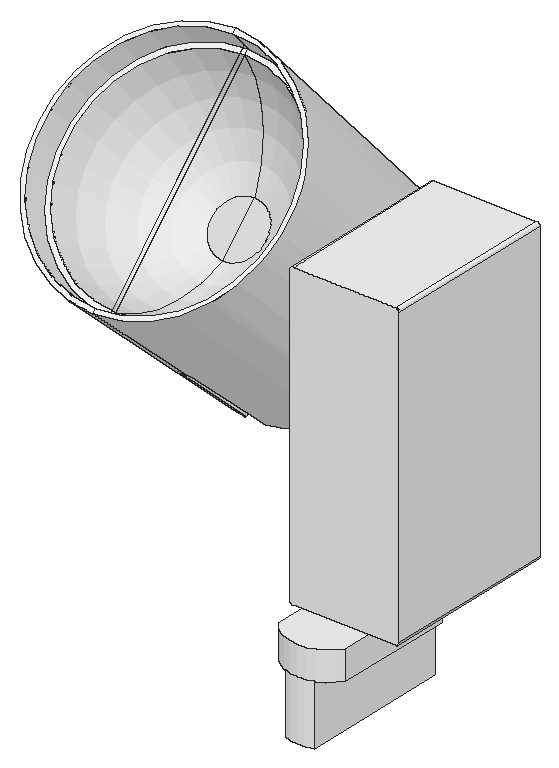
Revit family "0004833 Feilo Sylvania Lighting Fixture START TRACK SPOT L 55W 4K RA80 MB WHITE", category Lighting Fixtures, host Face, Revit 2017
Family settings
  Host = Face
  Round Connector Dimension = Use Diameter
  Part Type = Normal
  OmniClass Number = 23.80.70.00
  OmniClass Title = Lighting
  Cut with Voids When Loaded = No
  Light Source = No
  Shared = No
  Room Calculation Point = No
Parameters (values of type "0004833 START TRACK SPOT L 55W 4K RA80 MB WHITE")
  Weight = "1.398 kg"
  Wattage Comments = ""
  WarrantyStartDate [instance] = "n/a"
  WarrantyGuarantorParts = "n/a"
  WarrantyDurationUnit = "n/a"
  WarrantyDurationParts = "n/a"
  WarrantyDescription = "n/a"
  Voltage = 230 V
  URL = "http://www.sylvania-lighting.com"
  TypeName = "START TRACK SPOT L 55W 4K RA80 MB WHITE"
  TypeHead_FEILO = Start Track Spot Head : 0004833 START TRACK SPOT L 55W 4K RA80 MB WHITE
  TypeBox_FEILO = Start Track Spot Box : Type Large White
  Type Image = <None>
  Type Comments = "n/a"
  VerticalRotation_FEILO [instance] = 0.00°
  SlideEndAngle_FEILO [instance] = VerticalRotation_FEILO + 180.00°  # 180.00°
  SerialNumber [instance] = "n/a"
  Material_3_FEILO = none
  PowerFactor = 0.96
  PowerConsumption = "55 W"
  NominalLength = 0 mm
  NominalHeight = 240 mm
  NominalDepth = 164 mm
  Name = "START TRACK SPOT L 55W 4K RA80 MB WHITE"
  ModelReference = Name  # "START TRACK SPOT L 55W 4K RA80 MB WHITE"
  ModelNumber = "0004833"
  Model = Name  # "START TRACK SPOT L 55W 4K RA80 MB WHITE"
  Material = "adc12 aluminium housing, polycarbonate diffuser"
  ManufacturerName = "Feilo Sylvania"
  Manufacturer = "Feilo Sylvania"
  LuminousEfficacy = "98 lm/W"
  LuminaireType = ""
  LightOutputRatio = "100"
  LampsType = Lamp  # "LED"
  LampNominalLuminous = "5378 lm"
  LampMacAdamStep = "3"
  LampColourTemperature = "4000 K"
  LampColourRenderingIndex = "80"
  Lamp = "LED"
  Keynote = "16500"
  InstallationDate [instance] = "n/a"
  InputVoltage = "230-240V~"
  InputNominalFrequency = "50/60 Hz"
  IngressProtection = "IP20"
  ImpactProtectionIndex = "IK02"
  IfcExportType = "IfcLightFixtureType"
  IfcExportAs = "IfcLightFixtureType"
  HorizontalRotation_FEILO [instance] = 45.00°
  ExpectedLife = 50000
  ElectricShockClassification = "Class II"
  DurationUnit = "hours"
  DocumentationLiterature = "http://www.sylvania-lighting.com/product/en-int/products/0004833"
  DimmingControlOptions = "Non dimmable"
  Material_2_FEILO = none
  Description = "Integrated LED spotlight, Textured White - RAL9016, compact and minimalist design, ideal for retail applications, die-cast aluminium body, passive cooling heatsink. Beam angle: 38°, color temperature: 4000K , total system power: 55W, total fixture output: 5378 lm, LOR: 100%, colour rendering: Ra: 80 typical, LED Chromaticity: 3 step MacAdam ellipse, lifetime: >50000 hours at L70B50, energy class: A++, A+, A, IR/UV free light source without heat radiation, operating voltage: 220-240V / 50-60Hz, drive current: 1400mA, electronic driver, non-dimmable, power factor: 0.96, electrical protection: Class II, Global Track 3 Phase adapter suitable for Global trac 3-circuit tracks, ingress protection rating: IP20, suitable for internal environment only, horizontal rotation: 355°, vertical tilt: 90°, dimensions: Ø113x164x240, weight: 1.398kg."
  Default Elevation = 1219.2 mm
  CreatedOn = "12/12/2017"
  CreatedBy = ""
  Cost = 0
  built-in parameter 1114216 [instance] = (empty or 0)
  ClassificationValue = "EF_70_80"
  ClassificationName = "Uniclass2015"
  Material_1_FEILO = Body-Sylvania-StartTrackSpot-White
  BarCode [instance] = "n/a"
  AssetType = "Fixed"
  AssetIdentifier [instance] = "n/a"
  Assembly Code = "D5020200"
  Apparent Load = 55 VA
  Material_4_FEILO = none
Reference planes
  plane 1 "Center (Front/Back)": y = 0
  plane 2: z = 0
  plane 3 "Center (Left/Right)": x = 0
  plane 4: x = 15
  plane 5: x = -15
  plane 6: y = 35
  plane 7: y = -35
  plane 8: z = 13
  plane 9: z = -27
  plane 10: x = 6.5
  plane 11: x = -6.5
  plane 12: y = 27
  plane 13: y = -27
  plane 14: y = 20
Forms (mm)
  Extrusion 1, solid, material "Body-Sylvania-StartTrackSpot-White" <- "Material_1_FEILO"
    sketch origin (0, 0, 0) x (1, 0, 0) y (0, 1, 0)
      loop
        line (-15, 27) -> (-15, -27)
        arc (-15, -27) -> (0, -35) -> (15, -27) r 18.062
        line (15, -27) -> (15, 27)
        arc (15, 27) -> (0, 35) -> (-15, 27) r 18.062
    from 0 to 13
  Extrusion 2, solid, material "Body-Sylvania-StartTrackSpot-White" <- "Material_1_FEILO"
    sketch origin (0, 0, 0) x (1, 0, 0) y (0, 1, 0)
      loop
        arc (6.5, 33.79) -> (0, 35) -> (-6.5, 33.79) r 18.062
        line (-6.5, 33.79) -> (-6.5, -33.79)
        arc (-6.5, -33.79) -> (0, -35) -> (6.5, -33.79) r 18.062
        line (6.5, -33.79) -> (6.5, 33.79)
    from 0 to -27
  Revolve 3, solid, not visible
    sketch origin (1524, 20, 1219.2) x (1, 0, 0) y (0, 0, 1)
      loop
        line (-1524, -1206.2) -> (-1524, -1191.285) -> (-1530.5, -1191.285) -> (-1530.5, -1206.2) -> (-1524, -1206.2)
      axis (-1524, -1191.285) -> (-1524, -1206.2)
    angle from 0 <- "VerticalRotation_FEILO" to 180 <- "SlideEndAngle_FEILO"
Cuts and joins
  joined: Extrusion 1, Extrusion 2
Dimensions and locks
  equal spacing: plane 10, plane 3 "Center (Left/Right)", plane 11
  equal spacing: plane 4, plane 3 "Center (Left/Right)", plane 5
  locked: plane 8 to plane 2 at 13
  locked: plane 8 to plane 9 at 40
  equal spacing: plane 13, plane 1 "Center (Front/Back)", plane 12
  locked: plane 12 to plane 6 at 8
  locked: plane 14 to plane 6 at 15
  locked: Revolve 3 sketch curve to plane 8 at 14.915
  aligned and locked: plane 2 to host face
  aligned and locked: level to host face
  aligned and locked: plane 5 to Extrusion 1 sketch curve  (x2)
  aligned and locked: plane 12 to Extrusion 1 sketch curve
  aligned and locked: plane 13 to Extrusion 1 sketch curve
  aligned and locked: plane 4 to Extrusion 1 sketch curve
  aligned and locked: Extrusion 1 to plane 8
  aligned and locked: Extrusion 1 to level
  aligned and locked: Extrusion 2 sketch curve to Extrusion 1  (x2)
  aligned and locked: Extrusion 2 sketch curve to plane 11
  aligned and locked: plane 10 to Extrusion 2 sketch curve
  aligned and locked: plane 9 to Extrusion 2
  aligned and locked: level to Extrusion 2
  aligned and locked: Revolve 3 sketch curve to plane 3 "Center (Left/Right)"  (x2)
  aligned and locked: plane 11 to Revolve 3 sketch curve
  aligned and locked: Revolve 3 sketch curve to plane 8
Automatic sketch dimensions
  host sketch curve to host sketch curve = 2438.4 mm  (x2)
  Extrusion 1 sketch curve to plane 3 "Center (Left/Right)" = 0 mm  (x2)
  Extrusion 1 sketch curve to plane 13 = 10.062 mm
  plane 12 to Extrusion 1 sketch curve = 10.062 mm
  Revolve 3 sketch curve to plane 3 "Center (Left/Right)" = 0 mm
  plane 9 to Revolve 3 sketch curve = 582.6 mm
  Revolve 3 sketch curve to Revolve 3 sketch curve = 2581.144 mm
Nested families
  nested 1: "Start Track Spot Head" at (-75.5, 20, 133) x (0, 0.7071, 0.7071) z (0, 0.7071, -0.7071), type <- "TypeHead_FEILO", type "0004833 START TRACK SPOT L 55W 4K RA80 MB WHITE"
    with built-in parameter 1114216 (empty or 0)
  nested 2: "Start Track Spot Box" at (8.5, 20, 85) x (-1, 0, 0) z (0, -1, 0), BoxStartAngle_FEILO <- "HorizontalRotation_FEILO", type <- "TypeBox_FEILO", type "Type Large White"
    with BoxStartAngle_FEILO 45.00°, BoxEndAngle_FEILO -135.00°
Connectors
  electrical at (0, 0, 0), driven by "Apparent Load", driven by "PowerFactor", driven by "Voltage"
    settings: index 1, voltage 230 V, apparent load 55 VA, apparent load phase1 0 VA, apparent load phase2 0 VA, apparent load phase3 0 VA, power factor 0.96, load classification "Lighting", number of poles 1, system type 30, power factor state 1, is connector primary yes, connector utility no, sub classification motor no, connector description ""
Definition of nested family "Start Track Spot Head"
  Parameters (values of type "0004811 START TRACK SPOT S 14W 3K RA80 NB WHITE")
    Wattage Comments = "n/a"
    Wattage = 14 W
    built-in parameter 1150110 = 1 (stored number, unit not read)
    URL = "http://www.feilosylvania.com"
    Type Image = (empty or 0)
    Type Comments = "n/a"
    built-in parameter 1114217 = 1 (stored number, unit not read)
    Tilt Angle = -90.00°
    built-in parameter 1150109 = 1 (stored number, unit not read)
    built-in parameter 1150134 = (empty or 0)
    built-in parameter 1150113 = 1 (stored number, unit not read)
    Photometric Web File = "0004811.ies"
    Material_3_FEILO = none
    Model = "START TRACK SPOT S 14W 3K RA80 NB WHITE"
    Manufacturer = "Feilo Sylvania"
    built-in parameter 1150105 = 123.66 (stored number, unit not read)
    Lumens = 1554 lm
    built-in parameter 1150115 = 1 (stored number, unit not read)
    built-in parameter 1150137 = (empty or 0)
    built-in parameter 1150139 = (empty or 0)
    built-in parameter 1150112 = 1 (stored number, unit not read)
    built-in parameter 1150114 = 1 (stored number, unit not read)
    Lamp = "LED"
    Keynote = "16500"
    Material_2_FEILO = none
    built-in parameter 1150132 = (empty or 0)
    built-in parameter 1150102 = (empty or 0)
    built-in parameter 1150107 = 3000 (stored number, unit not read)
    built-in parameter 1150138 = (empty or 0)
    built-in parameter 1150106 = 1.2366 (stored number, unit not read)
    HeadThickness_FEILO = if(HeadDiaOut_FEILO > 112 mm, 2 mm, 1.5 mm)  # 1.5 mm
    HeadRibOffset_FEILO = HeadHeight_FEILO / 28  # 4.179 mm
    HeadRibDepth_FEILO = HeadHeight_FEILO / 2.1  # 55.714 mm
    HeadRibCutWidth_FEILO = HeadDiaOut_FEILO / 12  # 7.167 mm
    HeadRibCutOffset_FEILO = HeadHeight_FEILO / 2.3  # 50.87 mm
    HeadReflectorRadius_FEILO = HeadDiaOut_FEILO / 1.7  # 50.588 mm
    HeadReflectorOffset_FEILO = HeadHeight_FEILO / 2.1  # 55.714 mm
    HeadLEDRadius_FEILO = HeadDiaOut_FEILO / 9  # 9.556 mm
    HeadHeight_FEILO = 117 mm
    HeadDraft_FEILO = 1 mm
    HeadDiffusorThickness_FEILO = 3 mm
    HeadDiffusorOffset_FEILO = HeadHeight_FEILO / 12.4  # 9.435 mm
    HeadDiaOut_FEILO = 86 mm
    HeadDiaIn_FEILO = HeadDiaOut_FEILO / 1.11  # 77.477 mm
    HeadAxisFromTop_FEILO = HeadHeight_FEILO / 1.687  # 69.354 mm
    Emit from Circle Diameter = HeadDiaIn_FEILO  # 77.477 mm
    Emit Shape Visible in Rendering = no
    built-in parameter 1150104 = 10.312 (stored number, unit not read)
    Dimming Lamp Color Temperature Shift = (empty or 0)
    Description = "Integrated LED spotlight, Textured White - RAL9016, compact and minimalist design, ideal for retail applications, die-cast aluminium body, passive cooling heatsink. Beam angle: 12°, color temperature: 3000K , total system power: 14W, total fixture output: 1551 lm, LOR: 100%, colour rendering: Ra: 80 typical, LED Chromaticity: 3 step MacAdam ellipse, lifetime: >50000 hours at L70B50, energy class: A++, A+, A, IR/UV free light source without heat radiation, operating voltage: 220-240V / 50-60Hz, drive current: 350mA, electronic driver, non-dimmable, power factor: 0.92, electrical protection: Class II, Global Track 3 Phase adapter suitable for Global trac 3-circuit tracks, ingress protection rating: IP20, suitable for internal environment only, horizontal rotation: 355°, vertical tilt: 90°, dimensions: Ø86x140x200, weight: 0.940kg."
    Default Elevation = 1219.2 mm
    Cost = 0
    Color Filter = 16777215
    built-in parameter 1114216 [instance] = (empty or 0)
    Material_1_FEILO = none
    built-in parameter 1114218 = 1 (stored number, unit not read)
    built-in parameter 1150133 = 10 (stored number, unit not read)
    Assembly Code = "D5020200"
    Apparent Load = 14 VA
    Material_4_FEILO = none
  Types (96, lengths in mm): name | Wattage | built-in parameter 1150134 | Photometric Web File | Model | built-in parameter 1150105 | Lumens | built-in parameter 1150107 | built-in parameter 1150106 | HeadThickness_FEILO | HeadRibOffset_FEILO | HeadRibDepth_FEILO | HeadRibCutWidth_FEILO | HeadRibCutOffset_FEILO | HeadReflectorRadius_FEILO | HeadReflectorOffset_FEILO | HeadLEDRadius_FEILO | HeadHeight_FEILO | HeadDiffusorOffset_FEILO | HeadDiaOut_FEILO | HeadDiaIn_FEILO | HeadAxisFromTop_FEILO | Emit from Circle Diameter | built-in parameter 1150104 | Description | Apparent Load
    0004906 START TRACK SPOT L 55W 4K RA90 WB BLACK | 55 W | 12 | "0004906.ies" | "START TRACK SPOT L 55W 4K RA90 WB BLACK" | 385.15 (stored number, unit not read) | 4840 lm | 4000 (stored number, unit not read) | 3.8515 (stored number, unit not read) | 2 | 4.429 | 59.048 | 9.417 | 53.913 | 66.471 | 59.048 | 12.556 | 124 | 10 | 113 | 101.802 | 73.503 | 101.802 | 8.1755 (stored number, unit not read) | "Integrated LED spotlight, Textured Black - RAL9005, compact and minimalist design, ideal for retail applications, die-cast aluminium body, passive cooling heatsink. Beam angle: 52°, color temperature: 4000K , total system power: 55W, total fixture output: 4824 lm, LOR: 100%, colour rendering: Ra: 90 typical, LED Chromaticity: 3 step MacAdam ellipse, lifetime: >50000 hours at L70B50, energy class: A++, A+, A, IR/UV free light source without heat radiation, operating voltage: 220-240V / 50-60Hz, drive current: 1400mA, electronic driver, non-dimmable, power factor: 0.96, electrical protection: Class II, Global Track 3 Phase adapter suitable for Global trac 3-circuit tracks, ingress protection rating: IP20, suitable for internal environment only, horizontal rotation: 355°, vertical tilt: 90°, dimensions: Ø113x164x240, weight: 1.398kg." | 55 VA
    0004905 START TRACK SPOT L 55W 4K RA90 MB BLACK | 55 W | 12 | "0004905.ies" | "START TRACK SPOT L 55W 4K RA90 MB BLACK" | 389.53 (stored number, unit not read) | 4895 lm | 4000 (stored number, unit not read) | 3.8953 (stored number, unit not read) | 2 | 4.429 | 59.048 | 9.417 | 53.913 | 66.471 | 59.048 | 12.556 | 124 | 10 | 113 | 101.802 | 73.503 | 101.802 | 8.2684 (stored number, unit not read) | "Integrated LED spotlight, Textured Black - RAL9005, compact and minimalist design, ideal for retail applications, die-cast aluminium body, passive cooling heatsink. Beam angle: 38°, color temperature: 4000K , total system power: 55W, total fixture output: 4897 lm, LOR: 100%, colour rendering: Ra: 90 typical, LED Chromaticity: 3 step MacAdam ellipse, lifetime: >50000 hours at L70B50, energy class: A++, A+, A, IR/UV free light source without heat radiation, operating voltage: 220-240V / 50-60Hz, drive current: 1400mA, electronic driver, non-dimmable, power factor: 0.96, electrical protection: Class II, Global Track 3 Phase adapter suitable for Global trac 3-circuit tracks, ingress protection rating: IP20, suitable for internal environment only, horizontal rotation: 355°, vertical tilt: 90°, dimensions: Ø113x164x240, weight: 1.398kg." | 55 VA
    0004904 START TRACK SPOT L 55W 4K RA90 NB BLACK | 55 W | 12 | "0004904.ies" | "START TRACK SPOT L 55W 4K RA90 NB BLACK" | 393.91 (stored number, unit not read) | 4950 lm | 4000 (stored number, unit not read) | 3.9391 (stored number, unit not read) | 2 | 4.429 | 59.048 | 9.417 | 53.913 | 66.471 | 59.048 | 12.556 | 124 | 10 | 113 | 101.802 | 73.503 | 101.802 | 8.3613 (stored number, unit not read) | "Integrated LED spotlight, Textured Black - RAL9005, compact and minimalist design, ideal for retail applications, die-cast aluminium body, passive cooling heatsink. Beam angle: 15°, color temperature: 4000K , total system power: 55W, total fixture output: 4965 lm, LOR: 100%, colour rendering: Ra: 90 typical, LED Chromaticity: 3 step MacAdam ellipse, lifetime: >50000 hours at L70B50, energy class: A++, A+, A, IR/UV free light source without heat radiation, operating voltage: 220-240V / 50-60Hz, drive current: 1400mA, electronic driver, non-dimmable, power factor: 0.96, electrical protection: Class II, Global Track 3 Phase adapter suitable for Global trac 3-circuit tracks, ingress protection rating: IP20, suitable for internal environment only, horizontal rotation: 355°, vertical tilt: 90°, dimensions: Ø113x164x240, weight: 1.398kg." | 55 VA
    0004903 START TRACK SPOT L 35W 4K RA90 WB BLACK | 35 W | 12 | "0004903.ies" | "START TRACK SPOT L 35W 4K RA90 WB BLACK" | 284.09 (stored number, unit not read) | 3570 lm | 4000 (stored number, unit not read) | 2.8409 (stored number, unit not read) | 2 | 4.429 | 59.048 | 9.417 | 53.913 | 66.471 | 59.048 | 12.556 | 124 | 10 | 113 | 101.802 | 73.503 | 101.802 | 9.4761 (stored number, unit not read) | "Integrated LED spotlight, Textured Black - RAL9005, compact and minimalist design, ideal for retail applications, die-cast aluminium body, passive cooling heatsink. Beam angle: 52°, color temperature: 4000K , total system power: 35W, total fixture output: 3562 lm, LOR: 100%, colour rendering: Ra: 90 typical, LED Chromaticity: 3 step MacAdam ellipse, lifetime: >50000 hours at L70B50, energy class: A++, A+, A, IR/UV free light source without heat radiation, operating voltage: 220-240V / 50-60Hz, drive current: 900mA, electronic driver, non-dimmable, power factor: 0.93, electrical protection: Class II, Global Track 3 Phase adapter suitable for Global trac 3-circuit tracks, ingress protection rating: IP20, suitable for internal environment only, horizontal rotation: 355°, vertical tilt: 90°, dimensions: Ø113x164x240, weight: 1.368kg." | 35 VA
    0004902 START TRACK SPOT L 35W 4K RA90 MB BLACK | 35 W | 12 | "0004902.ies" | "START TRACK SPOT L 35W 4K RA90 MB BLACK" | 286.88 (stored number, unit not read) | 3605 lm | 4000 (stored number, unit not read) | 2.8688 (stored number, unit not read) | 2 | 4.429 | 59.048 | 9.417 | 53.913 | 66.471 | 59.048 | 12.556 | 124 | 10 | 113 | 101.802 | 73.503 | 101.802 | 9.569 (stored number, unit not read) | "Integrated LED spotlight, Textured Black - RAL9005, compact and minimalist design, ideal for retail applications, die-cast aluminium body, passive cooling heatsink. Beam angle: 38°, color temperature: 4000K , total system power: 35W, total fixture output: 3616 lm, LOR: 100%, colour rendering: Ra: 90 typical, LED Chromaticity: 3 step MacAdam ellipse, lifetime: >50000 hours at L70B50, energy class: A++, A+, A, IR/UV free light source without heat radiation, operating voltage: 220-240V / 50-60Hz, drive current: 900mA, electronic driver, non-dimmable, power factor: 0.93, electrical protection: Class II, Global Track 3 Phase adapter suitable for Global trac 3-circuit tracks, ingress protection rating: IP20, suitable for internal environment only, horizontal rotation: 355°, vertical tilt: 90°, dimensions: Ø113x164x240, weight: 1.368kg." | 35 VA
    0004901 START TRACK SPOT L 35W 4K RA90 NB BLACK | 35 W | 12 | "0004901.ies" | "START TRACK SPOT L 35W 4K RA90 NB BLACK" | 286.88 (stored number, unit not read) | 3605 lm | 4000 (stored number, unit not read) | 2.8688 (stored number, unit not read) | 2 | 4.429 | 59.048 | 9.417 | 53.913 | 66.471 | 59.048 | 12.556 | 124 | 10 | 113 | 101.802 | 73.503 | 101.802 | 9.569 (stored number, unit not read) | "Integrated LED spotlight, Textured Black - RAL9005, compact and minimalist design, ideal for retail applications, die-cast aluminium body, passive cooling heatsink. Beam angle: 15°, color temperature: 4000K , total system power: 35W, total fixture output: 3593 lm, LOR: 100%, colour rendering: Ra: 90 typical, LED Chromaticity: 3 step MacAdam ellipse, lifetime: >50000 hours at L70B50, energy class: A++, A+, A, IR/UV free light source without heat radiation, operating voltage: 220-240V / 50-60Hz, drive current: 900mA, electronic driver, non-dimmable, power factor: 0.93, electrical protection: Class II, Global Track 3 Phase adapter suitable for Global trac 3-circuit tracks, ingress protection rating: IP20, suitable for internal environment only, horizontal rotation: 355°, vertical tilt: 90°, dimensions: Ø113x164x240, weight: 1.368kg." | 35 VA
    0004900 START TRACK SPOT S 24W 4K RA90 WB BLACK | 24 W | 12 | "0004900.ies" | "START TRACK SPOT S 24W 4K RA90 WB BLACK" | 166.16 (stored number, unit not read) | 2088 lm | 4000 (stored number, unit not read) | 1.6616 (stored number, unit not read) | 1.5 | 4.179 | 55.714 | 7.167 | 50.87 | 50.588 | 55.714 | 9.556 | 117 | 9.435 | 86 | 77.477 | 69.354 | 77.477 | 8.0826 (stored number, unit not read) | "Integrated LED spotlight, Textured Black - RAL9005, compact and minimalist design, ideal for retail applications, die-cast aluminium body, passive cooling heatsink. Beam angle: 64°, color temperature: 4000K , total system power: 24W, total fixture output: 2087 lm, LOR: 100%, colour rendering: Ra: 90 typical, LED Chromaticity: 3 step MacAdam ellipse, lifetime: >50000 hours at L70B50, energy class: A++, A+, A, IR/UV free light source without heat radiation, operating voltage: 220-240V / 50-60Hz, drive current: 600mA, electronic driver, non-dimmable, power factor: 0.95, electrical protection: Class II, Global Track 3 Phase adapter suitable for Global trac 3-circuit tracks, ingress protection rating: IP20, suitable for internal environment only, horizontal rotation: 355°, vertical tilt: 90°, dimensions: Ø86x140x200, weight: 0.966kg." | 24 VA
    0004899 START TRACK SPOT S 24W 4K RA90 MB BLACK | 24 W | 12 | "0004899.ies" | "START TRACK SPOT S 24W 4K RA90 MB BLACK" | 169.98 (stored number, unit not read) | 2136 lm | 4000 (stored number, unit not read) | 1.6998 (stored number, unit not read) | 1.5 | 4.179 | 55.714 | 7.167 | 50.87 | 50.588 | 55.714 | 9.556 | 117 | 9.435 | 86 | 77.477 | 69.354 | 77.477 | 8.2684 (stored number, unit not read) | "Integrated LED spotlight, Textured Black - RAL9005, compact and minimalist design, ideal for retail applications, die-cast aluminium body, passive cooling heatsink. Beam angle: 36°, color temperature: 4000K , total system power: 24W, total fixture output: 2141 lm, LOR: 100%, colour rendering: Ra: 90 typical, LED Chromaticity: 3 step MacAdam ellipse, lifetime: >50000 hours at L70B50, energy class: A++, A+, A, IR/UV free light source without heat radiation, operating voltage: 220-240V / 50-60Hz, drive current: 600mA, electronic driver, non-dimmable, power factor: 0.95, electrical protection: Class II, Global Track 3 Phase adapter suitable for Global trac 3-circuit tracks, ingress protection rating: IP20, suitable for internal environment only, horizontal rotation: 355°, vertical tilt: 90°, dimensions: Ø86x140x200, weight: 0.966kg." | 24 VA
    0004898 START TRACK SPOT S 24W 4K RA90 NB BLACK | 24 W | 12 | "0004898.ies" | "START TRACK SPOT S 24W 4K RA90 NB BLACK" | 171.89 (stored number, unit not read) | 2160 lm | 4000 (stored number, unit not read) | 1.7189 (stored number, unit not read) | 1.5 | 4.179 | 55.714 | 7.167 | 50.87 | 50.588 | 55.714 | 9.556 | 117 | 9.435 | 86 | 77.477 | 69.354 | 77.477 | 8.3613 (stored number, unit not read) | "Integrated LED spotlight, Textured Black - RAL9005, compact and minimalist design, ideal for retail applications, die-cast aluminium body, passive cooling heatsink. Beam angle: 12°, color temperature: 4000K , total system power: 24W, total fixture output: 2155 lm, LOR: 100%, colour rendering: Ra: 90 typical, LED Chromaticity: 3 step MacAdam ellipse, lifetime: >50000 hours at L70B50, energy class: A++, A+, A, IR/UV free light source without heat radiation, operating voltage: 220-240V / 50-60Hz, drive current: 600mA, electronic driver, non-dimmable, power factor: 0.95, electrical protection: Class II, Global Track 3 Phase adapter suitable for Global trac 3-circuit tracks, ingress protection rating: IP20, suitable for internal environment only, horizontal rotation: 355°, vertical tilt: 90°, dimensions: Ø86x140x200, weight: 0.966kg." | 24 VA
    0004897 START TRACK SPOT S 14W 4K RA90 WB BLACK | 14 W | 12 | "0004897.ies" | "START TRACK SPOT S 14W 4K RA90 WB BLACK" | 108.07 (stored number, unit not read) | 1358 lm | 4000 (stored number, unit not read) | 1.0807 (stored number, unit not read) | 1.5 | 4.179 | 55.714 | 7.167 | 50.87 | 50.588 | 55.714 | 9.556 | 117 | 9.435 | 86 | 77.477 | 69.354 | 77.477 | 9.0116 (stored number, unit not read) | "Integrated LED spotlight, Textured Black - RAL9005, compact and minimalist design, ideal for retail applications, die-cast aluminium body, passive cooling heatsink. Beam angle: 64°, color temperature: 4000K , total system power: 14W, total fixture output: 1352 lm, LOR: 100%, colour rendering: Ra: 90 typical, LED Chromaticity: 3 step MacAdam ellipse, lifetime: >50000 hours at L70B50, energy class: A++, A+, A, IR/UV free light source without heat radiation, operating voltage: 220-240V / 50-60Hz, drive current: 350mA, electronic driver, non-dimmable, power factor: 0.92, electrical protection: Class II, Global Track 3 Phase adapter suitable for Global trac 3-circuit tracks, ingress protection rating: IP20, suitable for internal environment only, horizontal rotation: 355°, vertical tilt: 90°, dimensions: Ø86x140x200, weight: 0.940kg." | 14 VA
    0004896 START TRACK SPOT S 14W 4K RA90 MB BLACK | 14 W | 12 | "0004896.ies" | "START TRACK SPOT S 14W 4K RA90 MB BLACK" | 108.07 (stored number, unit not read) | 1358 lm | 4000 (stored number, unit not read) | 1.0807 (stored number, unit not read) | 1.5 | 4.179 | 55.714 | 7.167 | 50.87 | 50.588 | 55.714 | 9.556 | 117 | 9.435 | 86 | 77.477 | 69.354 | 77.477 | 9.0116 (stored number, unit not read) | "Integrated LED spotlight, Textured Black - RAL9005, compact and minimalist design, ideal for retail applications, die-cast aluminium body, passive cooling heatsink. Beam angle: 36°, color temperature: 4000K , total system power: 14W, total fixture output: 1359 lm, LOR: 100%, colour rendering: Ra: 90 typical, LED Chromaticity: 3 step MacAdam ellipse, lifetime: >50000 hours at L70B50, energy class: A++, A+, A, IR/UV free light source without heat radiation, operating voltage: 220-240V / 50-60Hz, drive current: 350mA, electronic driver, non-dimmable, power factor: 0.92, electrical protection: Class II, Global Track 3 Phase adapter suitable for Global trac 3-circuit tracks, ingress protection rating: IP20, suitable for internal environment only, horizontal rotation: 355°, vertical tilt: 90°, dimensions: Ø86x140x200, weight: 0.940kg." | 14 VA
    0004895 START TRACK SPOT S 14W 4K RA90 NB BLACK | 14 W | 12 | "0004895.ies" | "START TRACK SPOT S 14W 4K RA90 NB BLACK" | 106.95 (stored number, unit not read) | 1344 lm | 4000 (stored number, unit not read) | 1.0695 (stored number, unit not read) | 1.5 | 4.179 | 55.714 | 7.167 | 50.87 | 50.588 | 55.714 | 9.556 | 117 | 9.435 | 86 | 77.477 | 69.354 | 77.477 | 8.9187 (stored number, unit not read) | "Integrated LED spotlight, Textured Black - RAL9005, compact and minimalist design, ideal for retail applications, die-cast aluminium body, passive cooling heatsink. Beam angle: 12°, color temperature: 4000K , total system power: 14W, total fixture output: 1349 lm, LOR: 100%, colour rendering: Ra: 90 typical, LED Chromaticity: 3 step MacAdam ellipse, lifetime: >50000 hours at L70B50, energy class: A++, A+, A, IR/UV free light source without heat radiation, operating voltage: 220-240V / 50-60Hz, drive current: 350mA, electronic driver, non-dimmable, power factor: 0.92, electrical protection: Class II, Global Track 3 Phase adapter suitable for Global trac 3-circuit tracks, ingress protection rating: IP20, suitable for internal environment only, horizontal rotation: 355°, vertical tilt: 90°, dimensions: Ø86x140x200, weight: 0.940kg." | 14 VA
    0004894 START TRACK SPOT L 55W 3K RA90 WB BLACK | 55 W | (empty or 0) | "0004894.ies" | "START TRACK SPOT L 55W 3K RA90 WB BLACK" | 350.14 (stored number, unit not read) | 4400 lm | 3000 (stored number, unit not read) | 3.5014 (stored number, unit not read) | 2 | 4.429 | 59.048 | 9.417 | 53.913 | 66.471 | 59.048 | 12.556 | 124 | 10 | 113 | 101.802 | 73.503 | 101.802 | 7.4322 (stored number, unit not read) | "Integrated LED spotlight, Textured Black - RAL9005, compact and minimalist design, ideal for retail applications, die-cast aluminium body, passive cooling heatsink. Beam angle: 52°, color temperature: 3000K , total system power: 55W, total fixture output: 4405 lm, LOR: 100%, colour rendering: Ra: 90 typical, LED Chromaticity: 3 step MacAdam ellipse, lifetime: >50000 hours at L70B50, energy class: A++, A+, A, IR/UV free light source without heat radiation, operating voltage: 220-240V / 50-60Hz, drive current: 1400mA, electronic driver, non-dimmable, power factor: 0.96, electrical protection: Class II, Global Track 3 Phase adapter suitable for Global trac 3-circuit tracks, ingress protection rating: IP20, suitable for internal environment only, horizontal rotation: 355°, vertical tilt: 90°, dimensions: Ø113x164x240, weight: 1.398kg." | 55 VA
    0004893 START TRACK SPOT L 55W 3K RA90 MB BLACK | 55 W | (empty or 0) | "0004893.ies" | "START TRACK SPOT L 55W 3K RA90 MB BLACK" | 354.52 (stored number, unit not read) | 4455 lm | 3000 (stored number, unit not read) | 3.5452 (stored number, unit not read) | 2 | 4.429 | 59.048 | 9.417 | 53.913 | 66.471 | 59.048 | 12.556 | 124 | 10 | 113 | 101.802 | 73.503 | 101.802 | 7.5251 (stored number, unit not read) | "Integrated LED spotlight, Textured Black - RAL9005, compact and minimalist design, ideal for retail applications, die-cast aluminium body, passive cooling heatsink. Beam angle: 38°, color temperature: 3000K , total system power: 55W, total fixture output: 4448 lm, LOR: 100%, colour rendering: Ra: 90 typical, LED Chromaticity: 3 step MacAdam ellipse, lifetime: >50000 hours at L70B50, energy class: A++, A+, A, IR/UV free light source without heat radiation, operating voltage: 220-240V / 50-60Hz, drive current: 1400mA, electronic driver, non-dimmable, power factor: 0.96, electrical protection: Class II, Global Track 3 Phase adapter suitable for Global trac 3-circuit tracks, ingress protection rating: IP20, suitable for internal environment only, horizontal rotation: 355°, vertical tilt: 90°, dimensions: Ø113x164x240, weight: 1.398kg." | 55 VA
    0004892 START TRACK SPOT L 55W 3K RA90 NB BLACK | 55 W | (empty or 0) | "0004892.ies" | "START TRACK SPOT L 55W 3K RA90 NB BLACK" | 350.14 (stored number, unit not read) | 4400 lm | 3000 (stored number, unit not read) | 3.5014 (stored number, unit not read) | 2 | 4.429 | 59.048 | 9.417 | 53.913 | 66.471 | 59.048 | 12.556 | 124 | 10 | 113 | 101.802 | 73.503 | 101.802 | 7.4322 (stored number, unit not read) | "Integrated LED spotlight, Textured Black - RAL9005, compact and minimalist design, ideal for retail applications, die-cast aluminium body, passive cooling heatsink. Beam angle: 15°, color temperature: 3000K , total system power: 55W, total fixture output: 4416 lm, LOR: 100%, colour rendering: Ra: 90 typical, LED Chromaticity: 3 step MacAdam ellipse, lifetime: >50000 hours at L70B50, energy class: A++, A+, A, IR/UV free light source without heat radiation, operating voltage: 220-240V / 50-60Hz, drive current: 1400mA, electronic driver, non-dimmable, power factor: 0.96, electrical protection: Class II, Global Track 3 Phase adapter suitable for Global trac 3-circuit tracks, ingress protection rating: IP20, suitable for internal environment only, horizontal rotation: 355°, vertical tilt: 90°, dimensions: Ø113x164x240, weight: 1.398kg." | 55 VA
    0004891 START TRACK SPOT L 35W 3K RA90 WB BLACK | 35 W | (empty or 0) | "0004891.ies" | "START TRACK SPOT L 35W 3K RA90 WB BLACK" | 259.02 (stored number, unit not read) | 3255 lm | 3000 (stored number, unit not read) | 2.5902 (stored number, unit not read) | 2 | 4.429 | 59.048 | 9.417 | 53.913 | 66.471 | 59.048 | 12.556 | 124 | 10 | 113 | 101.802 | 73.503 | 101.802 | 8.64 (stored number, unit not read) | "Integrated LED spotlight, Textured Black - RAL9005, compact and minimalist design, ideal for retail applications, die-cast aluminium body, passive cooling heatsink. Beam angle: 52°, color temperature: 3000K , total system power: 35W, total fixture output: 3260 lm, LOR: 100%, colour rendering: Ra: 90 typical, LED Chromaticity: 3 step MacAdam ellipse, lifetime: >50000 hours at L70B50, energy class: A++, A+, A, IR/UV free light source without heat radiation, operating voltage: 220-240V / 50-60Hz, drive current: 900mA, electronic driver, non-dimmable, power factor: 0.93, electrical protection: Class II, Global Track 3 Phase adapter suitable for Global trac 3-circuit tracks, ingress protection rating: IP20, suitable for internal environment only, horizontal rotation: 355°, vertical tilt: 90°, dimensions: Ø113x164x240, weight: 1.368kg." | 35 VA
    0004890 START TRACK SPOT L 35W 3K RA90 MB BLACK | 35 W | (empty or 0) | "0004890.ies" | "START TRACK SPOT L 35W 3K RA90 MB BLACK" | 261.81 (stored number, unit not read) | 3290 lm | 3000 (stored number, unit not read) | 2.6181 (stored number, unit not read) | 2 | 4.429 | 59.048 | 9.417 | 53.913 | 66.471 | 59.048 | 12.556 | 124 | 10 | 113 | 101.802 | 73.503 | 101.802 | 8.7329 (stored number, unit not read) | "Integrated LED spotlight, Textured Black - RAL9005, compact and minimalist design, ideal for retail applications, die-cast aluminium body, passive cooling heatsink. Beam angle: 38°, color temperature: 3000K , total system power: 35W, total fixture output: 3306 lm, LOR: 100%, colour rendering: Ra: 90 typical, LED Chromaticity: 3 step MacAdam ellipse, lifetime: >50000 hours at L70B50, energy class: A++, A+, A, IR/UV free light source without heat radiation, operating voltage: 220-240V / 50-60Hz, drive current: 900mA, electronic driver, non-dimmable, power factor: 0.93, electrical protection: Class II, Global Track 3 Phase adapter suitable for Global trac 3-circuit tracks, ingress protection rating: IP20, suitable for internal environment only, horizontal rotation: 355°, vertical tilt: 90°, dimensions: Ø113x164x240, weight: 1.368kg." | 35 VA
    0004889 START TRACK SPOT L 35W 3K RA90 NB BLACK | 35 W | (empty or 0) | "0004889.ies" | "START TRACK SPOT L 35W 3K RA90 NB BLACK" | 261.81 (stored number, unit not read) | 3290 lm | 3000 (stored number, unit not read) | 2.6181 (stored number, unit not read) | 2 | 4.429 | 59.048 | 9.417 | 53.913 | 66.471 | 59.048 | 12.556 | 124 | 10 | 113 | 101.802 | 73.503 | 101.802 | 8.7329 (stored number, unit not read) | "Integrated LED spotlight, Textured Black - RAL9005, compact and minimalist design, ideal for retail applications, die-cast aluminium body, passive cooling heatsink. Beam angle: 15°, color temperature: 3000K , total system power: 35W, total fixture output: 3287 lm, LOR: 100%, colour rendering: Ra: 90 typical, LED Chromaticity: 3 step MacAdam ellipse, lifetime: >50000 hours at L70B50, energy class: A++, A+, A, IR/UV free light source without heat radiation, operating voltage: 220-240V / 50-60Hz, drive current: 900mA, electronic driver, non-dimmable, power factor: 0.93, electrical protection: Class II, Global Track 3 Phase adapter suitable for Global trac 3-circuit tracks, ingress protection rating: IP20, suitable for internal environment only, horizontal rotation: 355°, vertical tilt: 90°, dimensions: Ø113x164x240, weight: 1.368kg." | 35 VA
    0004888 START TRACK SPOT S 24W 3K RA90 WB BLACK | 24 W | (empty or 0) | "0004888.ies" | "START TRACK SPOT S 24W 3K RA90 WB BLACK" | 152.79 (stored number, unit not read) | 1920 lm | 3000 (stored number, unit not read) | 1.5279 (stored number, unit not read) | 1.5 | 4.179 | 55.714 | 7.167 | 50.87 | 50.588 | 55.714 | 9.556 | 117 | 9.435 | 86 | 77.477 | 69.354 | 77.477 | 7.4322 (stored number, unit not read) | "Integrated LED spotlight, Textured Black - RAL9005, compact and minimalist design, ideal for retail applications, die-cast aluminium body, passive cooling heatsink. Beam angle: 64°, color temperature: 3000K , total system power: 24W, total fixture output: 1928 lm, LOR: 100%, colour rendering: Ra: 90 typical, LED Chromaticity: 3 step MacAdam ellipse, lifetime: >50000 hours at L70B50, energy class: A++, A+, A, IR/UV free light source without heat radiation, operating voltage: 220-240V / 50-60Hz, drive current: 600mA, electronic driver, non-dimmable, power factor: 0.95, electrical protection: Class II, Global Track 3 Phase adapter suitable for Global trac 3-circuit tracks, ingress protection rating: IP20, suitable for internal environment only, horizontal rotation: 355°, vertical tilt: 90°, dimensions: Ø86x140x200, weight: 0.966kg." | 24 VA
    0004887 START TRACK SPOT S 24W 3K RA90 MB BLACK | 24 W | (empty or 0) | "0004887.ies" | "START TRACK SPOT S 24W 3K RA90 MB BLACK" | 154.7 (stored number, unit not read) | 1944 lm | 3000 (stored number, unit not read) | 1.547 (stored number, unit not read) | 1.5 | 4.179 | 55.714 | 7.167 | 50.87 | 50.588 | 55.714 | 9.556 | 117 | 9.435 | 86 | 77.477 | 69.354 | 77.477 | 7.5251 (stored number, unit not read) | "Integrated LED spotlight, Textured Black - RAL9005, compact and minimalist design, ideal for retail applications, die-cast aluminium body, passive cooling heatsink. Beam angle: 36°, color temperature: 3000K , total system power: 24W, total fixture output: 1944 lm, LOR: 100%, colour rendering: Ra: 90 typical, LED Chromaticity: 3 step MacAdam ellipse, lifetime: >50000 hours at L70B50, energy class: A++, A+, A, IR/UV free light source without heat radiation, operating voltage: 220-240V / 50-60Hz, drive current: 600mA, electronic driver, non-dimmable, power factor: 0.95, electrical protection: Class II, Global Track 3 Phase adapter suitable for Global trac 3-circuit tracks, ingress protection rating: IP20, suitable for internal environment only, horizontal rotation: 355°, vertical tilt: 90°, dimensions: Ø86x140x200, weight: 0.966kg." | 24 VA
    0004886 START TRACK SPOT S 24W 3K RA90 NB BLACK | 24 W | (empty or 0) | "0004886.ies" | "START TRACK SPOT S 24W 3K RA90 NB BLACK" | 158.52 (stored number, unit not read) | 1992 lm | 3000 (stored number, unit not read) | 1.5852 (stored number, unit not read) | 1.5 | 4.179 | 55.714 | 7.167 | 50.87 | 50.588 | 55.714 | 9.556 | 117 | 9.435 | 86 | 77.477 | 69.354 | 77.477 | 7.711 (stored number, unit not read) | "Integrated LED spotlight, Textured Black - RAL9005, compact and minimalist design, ideal for retail applications, die-cast aluminium body, passive cooling heatsink. Beam angle: 12°, color temperature: 3000K , total system power: 24W, total fixture output: 1987 lm, LOR: 100%, colour rendering: Ra: 90 typical, LED Chromaticity: 3 step MacAdam ellipse, lifetime: >50000 hours at L70B50, energy class: A++, A+, A, IR/UV free light source without heat radiation, operating voltage: 220-240V / 50-60Hz, drive current: 600mA, electronic driver, non-dimmable, power factor: 0.95, electrical protection: Class II, Global Track 3 Phase adapter suitable for Global trac 3-circuit tracks, ingress protection rating: IP20, suitable for internal environment only, horizontal rotation: 355°, vertical tilt: 90°, dimensions: Ø86x140x200, weight: 0.966kg." | 24 VA
    0004885 START TRACK SPOT S 14W 3K RA90 WB BLACK | 14 W | (empty or 0) | "0004885.ies" | "START TRACK SPOT S 14W 3K RA90 WB BLACK" | 100.27 (stored number, unit not read) | 1260 lm | 3000 (stored number, unit not read) | 1.0027 (stored number, unit not read) | 1.5 | 4.179 | 55.714 | 7.167 | 50.87 | 50.588 | 55.714 | 9.556 | 117 | 9.435 | 86 | 77.477 | 69.354 | 77.477 | 8.3613 (stored number, unit not read) | "Integrated LED spotlight, Textured Black - RAL9005, compact and minimalist design, ideal for retail applications, die-cast aluminium body, passive cooling heatsink. Beam angle: 64°, color temperature: 3000K , total system power: 14W, total fixture output: 1262 lm, LOR: 100%, colour rendering: Ra: 90 typical, LED Chromaticity: 3 step MacAdam ellipse, lifetime: >50000 hours at L70B50, energy class: A++, A+, A, IR/UV free light source without heat radiation, operating voltage: 220-240V / 50-60Hz, drive current: 350mA, electronic driver, non-dimmable, power factor: 0.92, electrical protection: Class II, Global Track 3 Phase adapter suitable for Global trac 3-circuit tracks, ingress protection rating: IP20, suitable for internal environment only, horizontal rotation: 355°, vertical tilt: 90°, dimensions: Ø86x140x200, weight: 0.940kg." | 14 VA
    0004884 START TRACK SPOT S 14W 3K RA90 MB BLACK | 14 W | (empty or 0) | "0004884.ies" | "START TRACK SPOT S 14W 3K RA90 MB BLACK" | 100.27 (stored number, unit not read) | 1260 lm | 3000 (stored number, unit not read) | 1.0027 (stored number, unit not read) | 1.5 | 4.179 | 55.714 | 7.167 | 50.87 | 50.588 | 55.714 | 9.556 | 117 | 9.435 | 86 | 77.477 | 69.354 | 77.477 | 8.3613 (stored number, unit not read) | "Integrated LED spotlight, Textured Black - RAL9005, compact and minimalist design, ideal for retail applications, die-cast aluminium body, passive cooling heatsink. Beam angle: 36°, color temperature: 3000K , total system power: 14W, total fixture output: 1262 lm, LOR: 100%, colour rendering: Ra: 90 typical, LED Chromaticity: 3 step MacAdam ellipse, lifetime: >50000 hours at L70B50, energy class: A++, A+, A, IR/UV free light source without heat radiation, operating voltage: 220-240V / 50-60Hz, drive current: 350mA, electronic driver, non-dimmable, power factor: 0.92, electrical protection: Class II, Global Track 3 Phase adapter suitable for Global trac 3-circuit tracks, ingress protection rating: IP20, suitable for internal environment only, horizontal rotation: 355°, vertical tilt: 90°, dimensions: Ø86x140x200, weight: 0.940kg." | 14 VA
    0004883 START TRACK SPOT S 14W 3K RA90 NB BLACK | 14 W | (empty or 0) | "0004883.ies" | "START TRACK SPOT S 14W 3K RA90 NB BLACK" | 102.5 (stored number, unit not read) | 1288 lm | 3000 (stored number, unit not read) | 1.025 (stored number, unit not read) | 1.5 | 4.179 | 55.714 | 7.167 | 50.87 | 50.588 | 55.714 | 9.556 | 117 | 9.435 | 86 | 77.477 | 69.354 | 77.477 | 8.5471 (stored number, unit not read) | "Integrated LED spotlight, Textured Black - RAL9005, compact and minimalist design, ideal for retail applications, die-cast aluminium body, passive cooling heatsink. Beam angle: 12°, color temperature: 3000K , total system power: 14W, total fixture output: 1284 lm, LOR: 100%, colour rendering: Ra: 90 typical, LED Chromaticity: 3 step MacAdam ellipse, lifetime: >50000 hours at L70B50, energy class: A++, A+, A, IR/UV free light source without heat radiation, operating voltage: 220-240V / 50-60Hz, drive current: 350mA, electronic driver, non-dimmable, power factor: 0.92, electrical protection: Class II, Global Track 3 Phase adapter suitable for Global trac 3-circuit tracks, ingress protection rating: IP20, suitable for internal environment only, horizontal rotation: 355°, vertical tilt: 90°, dimensions: Ø86x140x200, weight: 0.940kg." | 14 VA
    0004882 START TRACK SPOT L 55W 4K RA90 WB WHITE | 55 W | 12 | "0004882.ies" | "START TRACK SPOT L 55W 4K RA90 WB WHITE" | 385.15 (stored number, unit not read) | 4840 lm | 4000 (stored number, unit not read) | 3.8515 (stored number, unit not read) | 2 | 4.429 | 59.048 | 9.417 | 53.913 | 66.471 | 59.048 | 12.556 | 124 | 10 | 113 | 101.802 | 73.503 | 101.802 | 8.1755 (stored number, unit not read) | "Integrated LED spotlight, Textured White - RAL9016, compact and minimalist design, ideal for retail applications, die-cast aluminium body, passive cooling heatsink. Beam angle: 52°, color temperature: 4000K , total system power: 55W, total fixture output: 4824 lm, LOR: 100%, colour rendering: Ra: 90 typical, LED Chromaticity: 3 step MacAdam ellipse, lifetime: >50000 hours at L70B50, energy class: A++, A+, A, IR/UV free light source without heat radiation, operating voltage: 220-240V / 50-60Hz, drive current: 1400mA, electronic driver, non-dimmable, power factor: 0.96, electrical protection: Class II, Global Track 3 Phase adapter suitable for Global trac 3-circuit tracks, ingress protection rating: IP20, suitable for internal environment only, horizontal rotation: 355°, vertical tilt: 90°, dimensions: Ø113x164x240, weight: 1.398kg." | 55 VA
    0004881 START TRACK SPOT L 55W 4K RA90 MB WHITE | 55 W | 12 | "0004881.ies" | "START TRACK SPOT L 55W 4K RA90 MB WHITE" | 389.53 (stored number, unit not read) | 4895 lm | 4000 (stored number, unit not read) | 3.8953 (stored number, unit not read) | 2 | 4.429 | 59.048 | 9.417 | 53.913 | 66.471 | 59.048 | 12.556 | 124 | 10 | 113 | 101.802 | 73.503 | 101.802 | 8.2684 (stored number, unit not read) | "Integrated LED spotlight, Textured White - RAL9016, compact and minimalist design, ideal for retail applications, die-cast aluminium body, passive cooling heatsink. Beam angle: 38°, color temperature: 4000K , total system power: 55W, total fixture output: 4897 lm, LOR: 100%, colour rendering: Ra: 90 typical, LED Chromaticity: 3 step MacAdam ellipse, lifetime: >50000 hours at L70B50, energy class: A++, A+, A, IR/UV free light source without heat radiation, operating voltage: 220-240V / 50-60Hz, drive current: 1400mA, electronic driver, non-dimmable, power factor: 0.96, electrical protection: Class II, Global Track 3 Phase adapter suitable for Global trac 3-circuit tracks, ingress protection rating: IP20, suitable for internal environment only, horizontal rotation: 355°, vertical tilt: 90°, dimensions: Ø113x164x240, weight: 1.398kg." | 55 VA
    0004880 START TRACK SPOT L 55W 4K RA90 NB WHITE | 55 W | 12 | "0004880.ies" | "START TRACK SPOT L 55W 4K RA90 NB WHITE" | 393.91 (stored number, unit not read) | 4950 lm | 4000 (stored number, unit not read) | 3.9391 (stored number, unit not read) | 2 | 4.429 | 59.048 | 9.417 | 53.913 | 66.471 | 59.048 | 12.556 | 124 | 10 | 113 | 101.802 | 73.503 | 101.802 | 8.3613 (stored number, unit not read) | "Integrated LED spotlight, Textured White - RAL9016, compact and minimalist design, ideal for retail applications, die-cast aluminium body, passive cooling heatsink. Beam angle: 15°, color temperature: 4000K , total system power: 55W, total fixture output: 4965 lm, LOR: 100%, colour rendering: Ra: 90 typical, LED Chromaticity: 3 step MacAdam ellipse, lifetime: >50000 hours at L70B50, energy class: A++, A+, A, IR/UV free light source without heat radiation, operating voltage: 220-240V / 50-60Hz, drive current: 1400mA, electronic driver, non-dimmable, power factor: 0.96, electrical protection: Class II, Global Track 3 Phase adapter suitable for Global trac 3-circuit tracks, ingress protection rating: IP20, suitable for internal environment only, horizontal rotation: 355°, vertical tilt: 90°, dimensions: Ø113x164x240, weight: 1.398kg." | 55 VA
    0004879 START TRACK SPOT L 35W 4K RA90 WB WHITE | 35 W | 12 | "0004879.ies" | "START TRACK SPOT L 35W 4K RA90 WB WHITE" | 284.09 (stored number, unit not read) | 3570 lm | 4000 (stored number, unit not read) | 2.8409 (stored number, unit not read) | 2 | 4.429 | 59.048 | 9.417 | 53.913 | 66.471 | 59.048 | 12.556 | 124 | 10 | 113 | 101.802 | 73.503 | 101.802 | 9.4761 (stored number, unit not read) | "Integrated LED spotlight, Textured White - RAL9016, compact and minimalist design, ideal for retail applications, die-cast aluminium body, passive cooling heatsink. Beam angle: 52°, color temperature: 4000K , total system power: 35W, total fixture output: 3562 lm, LOR: 100%, colour rendering: Ra: 90 typical, LED Chromaticity: 3 step MacAdam ellipse, lifetime: >50000 hours at L70B50, energy class: A++, A+, A, IR/UV free light source without heat radiation, operating voltage: 220-240V / 50-60Hz, drive current: 900mA, electronic driver, non-dimmable, power factor: 0.93, electrical protection: Class II, Global Track 3 Phase adapter suitable for Global trac 3-circuit tracks, ingress protection rating: IP20, suitable for internal environment only, horizontal rotation: 355°, vertical tilt: 90°, dimensions: Ø113x164x240, weight: 1.368kg." | 35 VA
    0004878 START TRACK SPOT L 35W 4K RA90 MB WHITE | 35 W | 12 | "0004878.ies" | "START TRACK SPOT L 35W 4K RA90 MB WHITE" | 286.88 (stored number, unit not read) | 3605 lm | 4000 (stored number, unit not read) | 2.8688 (stored number, unit not read) | 2 | 4.429 | 59.048 | 9.417 | 53.913 | 66.471 | 59.048 | 12.556 | 124 | 10 | 113 | 101.802 | 73.503 | 101.802 | 9.569 (stored number, unit not read) | "Integrated LED spotlight, Textured White - RAL9016, compact and minimalist design, ideal for retail applications, die-cast aluminium body, passive cooling heatsink. Beam angle: 38°, color temperature: 4000K , total system power: 35W, total fixture output: 3616 lm, LOR: 100%, colour rendering: Ra: 90 typical, LED Chromaticity: 3 step MacAdam ellipse, lifetime: >50000 hours at L70B50, energy class: A++, A+, A, IR/UV free light source without heat radiation, operating voltage: 220-240V / 50-60Hz, drive current: 900mA, electronic driver, non-dimmable, power factor: 0.93, electrical protection: Class II, Global Track 3 Phase adapter suitable for Global trac 3-circuit tracks, ingress protection rating: IP20, suitable for internal environment only, horizontal rotation: 355°, vertical tilt: 90°, dimensions: Ø113x164x240, weight: 1.368kg." | 35 VA
    0004877 START TRACK SPOT L 35W 4K RA90 NB WHITE | 35 W | 12 | "0004877.ies" | "START TRACK SPOT L 35W 4K RA90 NB WHITE" | 286.88 (stored number, unit not read) | 3605 lm | 4000 (stored number, unit not read) | 2.8688 (stored number, unit not read) | 2 | 4.429 | 59.048 | 9.417 | 53.913 | 66.471 | 59.048 | 12.556 | 124 | 10 | 113 | 101.802 | 73.503 | 101.802 | 9.569 (stored number, unit not read) | "Integrated LED spotlight, Textured White - RAL9016, compact and minimalist design, ideal for retail applications, die-cast aluminium body, passive cooling heatsink. Beam angle: 15°, color temperature: 4000K , total system power: 35W, total fixture output: 3593 lm, LOR: 100%, colour rendering: Ra: 90 typical, LED Chromaticity: 3 step MacAdam ellipse, lifetime: >50000 hours at L70B50, energy class: A++, A+, A, IR/UV free light source without heat radiation, operating voltage: 220-240V / 50-60Hz, drive current: 900mA, electronic driver, non-dimmable, power factor: 0.93, electrical protection: Class II, Global Track 3 Phase adapter suitable for Global trac 3-circuit tracks, ingress protection rating: IP20, suitable for internal environment only, horizontal rotation: 355°, vertical tilt: 90°, dimensions: Ø113x164x240, weight: 1.368kg." | 35 VA
    0004876 START TRACK SPOT S 24W 4K RA90 WB WHITE | 24 W | 12 | "0004876.ies" | "START TRACK SPOT S 24W 4K RA90 WB WHITE" | 166.16 (stored number, unit not read) | 2088 lm | 4000 (stored number, unit not read) | 1.6616 (stored number, unit not read) | 1.5 | 4.179 | 55.714 | 7.167 | 50.87 | 50.588 | 55.714 | 9.556 | 117 | 9.435 | 86 | 77.477 | 69.354 | 77.477 | 8.0826 (stored number, unit not read) | "Integrated LED spotlight, Textured White - RAL9016, compact and minimalist design, ideal for retail applications, die-cast aluminium body, passive cooling heatsink. Beam angle: 64°, color temperature: 4000K , total system power: 24W, total fixture output: 2087 lm, LOR: 100%, colour rendering: Ra: 90 typical, LED Chromaticity: 3 step MacAdam ellipse, lifetime: >50000 hours at L70B50, energy class: A++, A+, A, IR/UV free light source without heat radiation, operating voltage: 220-240V / 50-60Hz, drive current: 600mA, electronic driver, non-dimmable, power factor: 0.95, electrical protection: Class II, Global Track 3 Phase adapter suitable for Global trac 3-circuit tracks, ingress protection rating: IP20, suitable for internal environment only, horizontal rotation: 355°, vertical tilt: 90°, dimensions: Ø86x140x200, weight: 0.966kg." | 24 VA
    0004875 START TRACK SPOT S 24W 4K RA90 MB WHITE | 24 W | 12 | "0004875.ies" | "START TRACK SPOT S 24W 4K RA90 MB WHITE" | 169.98 (stored number, unit not read) | 2136 lm | 4000 (stored number, unit not read) | 1.6998 (stored number, unit not read) | 1.5 | 4.179 | 55.714 | 7.167 | 50.87 | 50.588 | 55.714 | 9.556 | 117 | 9.435 | 86 | 77.477 | 69.354 | 77.477 | 8.2684 (stored number, unit not read) | "Integrated LED spotlight, Textured White - RAL9016, compact and minimalist design, ideal for retail applications, die-cast aluminium body, passive cooling heatsink. Beam angle: 36°, color temperature: 4000K , total system power: 24W, total fixture output: 2141 lm, LOR: 100%, colour rendering: Ra: 90 typical, LED Chromaticity: 3 step MacAdam ellipse, lifetime: >50000 hours at L70B50, energy class: A++, A+, A, IR/UV free light source without heat radiation, operating voltage: 220-240V / 50-60Hz, drive current: 600mA, electronic driver, non-dimmable, power factor: 0.95, electrical protection: Class II, Global Track 3 Phase adapter suitable for Global trac 3-circuit tracks, ingress protection rating: IP20, suitable for internal environment only, horizontal rotation: 355°, vertical tilt: 90°, dimensions: Ø86x140x200, weight: 0.966kg." | 24 VA
    0004874 START TRACK SPOT S 24W 4K RA90 NB WHITE | 24 W | 12 | "0004874.ies" | "START TRACK SPOT S 24W 4K RA90 NB WHITE" | 171.89 (stored number, unit not read) | 2160 lm | 4000 (stored number, unit not read) | 1.7189 (stored number, unit not read) | 1.5 | 4.179 | 55.714 | 7.167 | 50.87 | 50.588 | 55.714 | 9.556 | 117 | 9.435 | 86 | 77.477 | 69.354 | 77.477 | 8.3613 (stored number, unit not read) | "Integrated LED spotlight, Textured White - RAL9016, compact and minimalist design, ideal for retail applications, die-cast aluminium body, passive cooling heatsink. Beam angle: 12°, color temperature: 4000K , total system power: 24W, total fixture output: 2155 lm, LOR: 100%, colour rendering: Ra: 90 typical, LED Chromaticity: 3 step MacAdam ellipse, lifetime: >50000 hours at L70B50, energy class: A++, A+, A, IR/UV free light source without heat radiation, operating voltage: 220-240V / 50-60Hz, drive current: 600mA, electronic driver, non-dimmable, power factor: 0.95, electrical protection: Class II, Global Track 3 Phase adapter suitable for Global trac 3-circuit tracks, ingress protection rating: IP20, suitable for internal environment only, horizontal rotation: 355°, vertical tilt: 90°, dimensions: Ø86x140x200, weight: 0.966kg." | 24 VA
    0004873 START TRACK SPOT S 14W 4K RA90 WB WHITE | 14 W | 12 | "0004873.ies" | "START TRACK SPOT S 14W 4K RA90 WB WHITE" | 108.07 (stored number, unit not read) | 1358 lm | 4000 (stored number, unit not read) | 1.0807 (stored number, unit not read) | 1.5 | 4.179 | 55.714 | 7.167 | 50.87 | 50.588 | 55.714 | 9.556 | 117 | 9.435 | 86 | 77.477 | 69.354 | 77.477 | 9.0116 (stored number, unit not read) | "Integrated LED spotlight, Textured White - RAL9016, compact and minimalist design, ideal for retail applications, die-cast aluminium body, passive cooling heatsink. Beam angle: 64°, color temperature: 4000K , total system power: 14W, total fixture output: 1352 lm, LOR: 100%, colour rendering: Ra: 90 typical, LED Chromaticity: 3 step MacAdam ellipse, lifetime: >50000 hours at L70B50, energy class: A++, A+, A, IR/UV free light source without heat radiation, operating voltage: 220-240V / 50-60Hz, drive current: 350mA, electronic driver, non-dimmable, power factor: 0.92, electrical protection: Class II, Global Track 3 Phase adapter suitable for Global trac 3-circuit tracks, ingress protection rating: IP20, suitable for internal environment only, horizontal rotation: 355°, vertical tilt: 90°, dimensions: Ø86x140x200, weight: 0.940kg." | 14 VA
    0004872 START TRACK SPOT S 14W 4K RA90 MB WHITE | 14 W | 12 | "0004872.ies" | "START TRACK SPOT S 14W 4K RA90 MB WHITE" | 108.07 (stored number, unit not read) | 1358 lm | 4000 (stored number, unit not read) | 1.0807 (stored number, unit not read) | 1.5 | 4.179 | 55.714 | 7.167 | 50.87 | 50.588 | 55.714 | 9.556 | 117 | 9.435 | 86 | 77.477 | 69.354 | 77.477 | 9.0116 (stored number, unit not read) | "Integrated LED spotlight, Textured White - RAL9016, compact and minimalist design, ideal for retail applications, die-cast aluminium body, passive cooling heatsink. Beam angle: 36°, color temperature: 4000K , total system power: 14W, total fixture output: 1359 lm, LOR: 100%, colour rendering: Ra: 90 typical, LED Chromaticity: 3 step MacAdam ellipse, lifetime: >50000 hours at L70B50, energy class: A++, A+, A, IR/UV free light source without heat radiation, operating voltage: 220-240V / 50-60Hz, drive current: 350mA, electronic driver, non-dimmable, power factor: 0.92, electrical protection: Class II, Global Track 3 Phase adapter suitable for Global trac 3-circuit tracks, ingress protection rating: IP20, suitable for internal environment only, horizontal rotation: 355°, vertical tilt: 90°, dimensions: Ø86x140x200, weight: 0.940kg." | 14 VA
    0004871 START TRACK SPOT S 14W 4K RA90 NB WHITE | 14 W | 12 | "0004871.ies" | "START TRACK SPOT S 14W 4K RA90 NB WHITE" | 106.95 (stored number, unit not read) | 1344 lm | 4000 (stored number, unit not read) | 1.0695 (stored number, unit not read) | 1.5 | 4.179 | 55.714 | 7.167 | 50.87 | 50.588 | 55.714 | 9.556 | 117 | 9.435 | 86 | 77.477 | 69.354 | 77.477 | 8.9187 (stored number, unit not read) | "Integrated LED spotlight, Textured White - RAL9016, compact and minimalist design, ideal for retail applications, die-cast aluminium body, passive cooling heatsink. Beam angle: 12°, color temperature: 4000K , total system power: 14W, total fixture output: 1349 lm, LOR: 100%, colour rendering: Ra: 90 typical, LED Chromaticity: 3 step MacAdam ellipse, lifetime: >50000 hours at L70B50, energy class: A++, A+, A, IR/UV free light source without heat radiation, operating voltage: 220-240V / 50-60Hz, drive current: 350mA, electronic driver, non-dimmable, power factor: 0.92, electrical protection: Class II, Global Track 3 Phase adapter suitable for Global trac 3-circuit tracks, ingress protection rating: IP20, suitable for internal environment only, horizontal rotation: 355°, vertical tilt: 90°, dimensions: Ø86x140x200, weight: 0.940kg." | 14 VA
    0004870 START TRACK SPOT L 55W 3K RA90 WB WHITE | 55 W | (empty or 0) | "0004870.ies" | "START TRACK SPOT L 55W 3K RA90 WB WHITE" | 350.14 (stored number, unit not read) | 4400 lm | 3000 (stored number, unit not read) | 3.5014 (stored number, unit not read) | 2 | 4.429 | 59.048 | 9.417 | 53.913 | 66.471 | 59.048 | 12.556 | 124 | 10 | 113 | 101.802 | 73.503 | 101.802 | 7.4322 (stored number, unit not read) | "Integrated LED spotlight, Textured White - RAL9016, compact and minimalist design, ideal for retail applications, die-cast aluminium body, passive cooling heatsink. Beam angle: 52°, color temperature: 3000K , total system power: 55W, total fixture output: 4405 lm, LOR: 100%, colour rendering: Ra: 90 typical, LED Chromaticity: 3 step MacAdam ellipse, lifetime: >50000 hours at L70B50, energy class: A++, A+, A, IR/UV free light source without heat radiation, operating voltage: 220-240V / 50-60Hz, drive current: 1400mA, electronic driver, non-dimmable, power factor: 0.96, electrical protection: Class II, Global Track 3 Phase adapter suitable for Global trac 3-circuit tracks, ingress protection rating: IP20, suitable for internal environment only, horizontal rotation: 355°, vertical tilt: 90°, dimensions: Ø113x164x240, weight: 1.398kg." | 55 VA
    0004869 START TRACK SPOT L 55W 3K RA90 MB WHITE | 55 W | (empty or 0) | "0004869.ies" | "START TRACK SPOT L 55W 3K RA90 MB WHITE" | 354.52 (stored number, unit not read) | 4455 lm | 3000 (stored number, unit not read) | 3.5452 (stored number, unit not read) | 2 | 4.429 | 59.048 | 9.417 | 53.913 | 66.471 | 59.048 | 12.556 | 124 | 10 | 113 | 101.802 | 73.503 | 101.802 | 7.5251 (stored number, unit not read) | "Integrated LED spotlight, Textured White - RAL9016, compact and minimalist design, ideal for retail applications, die-cast aluminium body, passive cooling heatsink. Beam angle: 38°, color temperature: 3000K , total system power: 55W, total fixture output: 4448 lm, LOR: 100%, colour rendering: Ra: 90 typical, LED Chromaticity: 3 step MacAdam ellipse, lifetime: >50000 hours at L70B50, energy class: A++, A+, A, IR/UV free light source without heat radiation, operating voltage: 220-240V / 50-60Hz, drive current: 1400mA, electronic driver, non-dimmable, power factor: 0.96, electrical protection: Class II, Global Track 3 Phase adapter suitable for Global trac 3-circuit tracks, ingress protection rating: IP20, suitable for internal environment only, horizontal rotation: 355°, vertical tilt: 90°, dimensions: Ø113x164x240, weight: 1.398kg." | 55 VA
    0004868 START TRACK SPOT L 55W 3K RA90 NB WHITE | 55 W | (empty or 0) | "0004868.ies" | "START TRACK SPOT L 55W 3K RA90 NB WHITE" | 350.14 (stored number, unit not read) | 4400 lm | 3000 (stored number, unit not read) | 3.5014 (stored number, unit not read) | 2 | 4.429 | 59.048 | 9.417 | 53.913 | 66.471 | 59.048 | 12.556 | 124 | 10 | 113 | 101.802 | 73.503 | 101.802 | 7.4322 (stored number, unit not read) | "Integrated LED spotlight, Textured White - RAL9016, compact and minimalist design, ideal for retail applications, die-cast aluminium body, passive cooling heatsink. Beam angle: 15°, color temperature: 3000K , total system power: 55W, total fixture output: 4416 lm, LOR: 100%, colour rendering: Ra: 90 typical, LED Chromaticity: 3 step MacAdam ellipse, lifetime: >50000 hours at L70B50, energy class: A++, A+, A, IR/UV free light source without heat radiation, operating voltage: 220-240V / 50-60Hz, drive current: 1400mA, electronic driver, non-dimmable, power factor: 0.96, electrical protection: Class II, Global Track 3 Phase adapter suitable for Global trac 3-circuit tracks, ingress protection rating: IP20, suitable for internal environment only, horizontal rotation: 355°, vertical tilt: 90°, dimensions: Ø113x164x240, weight: 1.398kg." | 55 VA
    0004867 START TRACK SPOT L 35W 3K RA90 WB WHITE | 35 W | (empty or 0) | "0004867.ies" | "START TRACK SPOT L 35W 3K RA90 WB WHITE" | 259.02 (stored number, unit not read) | 3255 lm | 3000 (stored number, unit not read) | 2.5902 (stored number, unit not read) | 2 | 4.429 | 59.048 | 9.417 | 53.913 | 66.471 | 59.048 | 12.556 | 124 | 10 | 113 | 101.802 | 73.503 | 101.802 | 8.64 (stored number, unit not read) | "Integrated LED spotlight, Textured White - RAL9016, compact and minimalist design, ideal for retail applications, die-cast aluminium body, passive cooling heatsink. Beam angle: 52°, color temperature: 3000K , total system power: 35W, total fixture output: 3260 lm, LOR: 100%, colour rendering: Ra: 90 typical, LED Chromaticity: 3 step MacAdam ellipse, lifetime: >50000 hours at L70B50, energy class: A++, A+, A, IR/UV free light source without heat radiation, operating voltage: 220-240V / 50-60Hz, drive current: 900mA, electronic driver, non-dimmable, power factor: 0.93, electrical protection: Class II, Global Track 3 Phase adapter suitable for Global trac 3-circuit tracks, ingress protection rating: IP20, suitable for internal environment only, horizontal rotation: 355°, vertical tilt: 90°, dimensions: Ø113x164x240, weight: 1.368kg." | 35 VA
    0004866 START TRACK SPOT L 35W 3K RA90 MB WHITE | 35 W | (empty or 0) | "0004866.ies" | "START TRACK SPOT L 35W 3K RA90 MB WHITE" | 261.81 (stored number, unit not read) | 3290 lm | 3000 (stored number, unit not read) | 2.6181 (stored number, unit not read) | 2 | 4.429 | 59.048 | 9.417 | 53.913 | 66.471 | 59.048 | 12.556 | 124 | 10 | 113 | 101.802 | 73.503 | 101.802 | 8.7329 (stored number, unit not read) | "Integrated LED spotlight, Textured White - RAL9016, compact and minimalist design, ideal for retail applications, die-cast aluminium body, passive cooling heatsink. Beam angle: 38°, color temperature: 3000K , total system power: 35W, total fixture output: 3306 lm, LOR: 100%, colour rendering: Ra: 90 typical, LED Chromaticity: 3 step MacAdam ellipse, lifetime: >50000 hours at L70B50, energy class: A++, A+, A, IR/UV free light source without heat radiation, operating voltage: 220-240V / 50-60Hz, drive current: 900mA, electronic driver, non-dimmable, power factor: 0.93, electrical protection: Class II, Global Track 3 Phase adapter suitable for Global trac 3-circuit tracks, ingress protection rating: IP20, suitable for internal environment only, horizontal rotation: 355°, vertical tilt: 90°, dimensions: Ø113x164x240, weight: 1.368kg." | 35 VA
    0004865 START TRACK SPOT L 35W 3K RA90 NB WHITE | 35 W | (empty or 0) | "0004865.ies" | "START TRACK SPOT L 35W 3K RA90 NB WHITE" | 261.81 (stored number, unit not read) | 3290 lm | 3000 (stored number, unit not read) | 2.6181 (stored number, unit not read) | 2 | 4.429 | 59.048 | 9.417 | 53.913 | 66.471 | 59.048 | 12.556 | 124 | 10 | 113 | 101.802 | 73.503 | 101.802 | 8.7329 (stored number, unit not read) | "Integrated LED spotlight, Textured White - RAL9016, compact and minimalist design, ideal for retail applications, die-cast aluminium body, passive cooling heatsink. Beam angle: 15°, color temperature: 3000K , total system power: 35W, total fixture output: 3287 lm, LOR: 100%, colour rendering: Ra: 90 typical, LED Chromaticity: 3 step MacAdam ellipse, lifetime: >50000 hours at L70B50, energy class: A++, A+, A, IR/UV free light source without heat radiation, operating voltage: 220-240V / 50-60Hz, drive current: 900mA, electronic driver, non-dimmable, power factor: 0.93, electrical protection: Class II, Global Track 3 Phase adapter suitable for Global trac 3-circuit tracks, ingress protection rating: IP20, suitable for internal environment only, horizontal rotation: 355°, vertical tilt: 90°, dimensions: Ø113x164x240, weight: 1.368kg." | 35 VA
